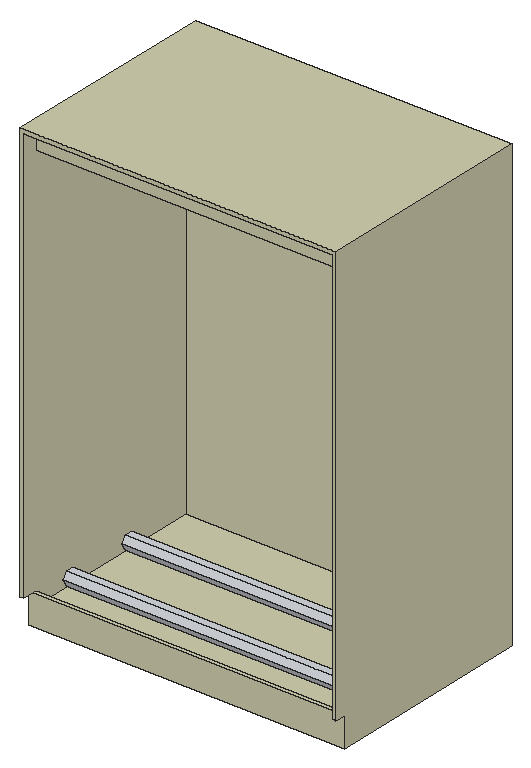
Revit family "Wenger Cabinet 42", category Furniture, Revit 2011
Parameters (values of type "Acoustic Cabinet #42 - Bass")
  URL = "http://www.wengercorp.com/Home/Contact.html"
  Toekick Material [instance] = none
  RH End Panel [instance] = no
  Pack Style = Bass : Bass
  Model = "42A - Bass"
  Manufacturer = "Wenger Corporation"
  LH End Panel [instance] = no
  End Panel Material [instance] = none
  Edge Banding Material [instance] = none
  Door Material [instance] = none
  Description = "Acoustic Cabinet #42 - Basses"
  Cabinet Width = 5' - 0 1/4"
  Cabinet Label = Labels : Acoustic
  Cabinet Height = 7' - 1 5/8"
  Cabinet Depth = 3' - 5 3/4"
  Cabinet Back Thickness = 0' - 3 1/4"
  Assembly Code = ""
Types (14): name | Pack Style | Model | Description | Cabinet Label | Cabinet Depth | Cabinet Back Thickness
  Standard Cabinet #42 - Bass | Bass : Bass | "42 - Bass" | "Standard Cabinet #42 - Basses" | Labels : Standard | 3' - 3 1/4" | 0' - 0 3/4"
  Acoustic Cabinet #42 - Bass | Bass : Bass | "42A - Bass" | "Acoustic Cabinet #42 - Basses" | Labels : Acoustic | 3' - 5 3/4" | 0' - 3 1/4"
  Standard Cabinet #42 - Cello | Cello : Cello | "42 - Cello" | "Standard Cabinet #42 - Cellos" | Labels : Standard | 3' - 3 1/4" | 0' - 0 3/4"
  Standard Cabinet #42 - Guitarron | Guitarron : Guitarron | "42 - Guitarron" | "Standard Cabinet #42 - Guitarrons" | Labels : Standard | 3' - 3 1/4" | 0' - 0 3/4"
  Standard Cabinet #42 - Guitar | Guitar : Guitar | "42 - Guitar" | "Standard Cabinet #42 - Guitars" | Labels : Standard | 3' - 3 1/4" | 0' - 0 3/4"
  Standard Cabinet #42 - Violins/Violas/Vihuelas | Violins-Violas-Vihuelas : Violins-Violas-Vihuelas | "42 - Violins/Violas/Vihuelas" | "Standard Cabinet #42 - Violins/Violas/Vihuelas" | Labels : Standard | 3' - 3 1/4" | 0' - 0 3/4"
  Standard Cabinet #42 - VVV Hi Pack | VVV High Pack : VVV High Pack | "42 - VVV Hi Pack" | "Standard Cabinet #42 - VVV Hi Pack" | Labels : Standard | 3' - 3 1/4" | 0' - 0 3/4"
  Standard Cabinet #42 - Combo | Combo : Combo | "42 - Combo" | "Standard Cabinet #42 - Combo" | Labels : Standard | 3' - 3 1/4" | 0' - 0 3/4"
  Acoustic Cabinet #42 - Cello | Cello : Cello | "42A - Cello" | "Acoustic Cabinet #42 - Cellos" | Labels : Acoustic | 3' - 5 3/4" | 0' - 3 1/4"
  Acoustic Cabinet #42 - Combo | Combo : Combo | "42A - Combo" | "Acoustic Cabinet #42 - Combo" | Labels : Acoustic | 3' - 5 3/4" | 0' - 3 1/4"
  Acoustic Cabinet #42 - Guitar | Guitar : Guitar | "42A - Guitar" | "Acoustic Cabinet #42 - Guitar" | Labels : Acoustic | 3' - 5 3/4" | 0' - 3 1/4"
  Acoustic Cabinet #42 - Guitarron | Guitarron : Guitarron | "42A - Guitarron" | "Acoustic Cabinet #42 - Guitarron" | Labels : Acoustic | 3' - 5 3/4" | 0' - 3 1/4"
  Acoustic Cabinet #42 - Violins/Violas/Vihuelas | Violins-Violas-Vihuelas : Violins-Violas-Vihuelas | "42A - Violins/Violas/Vihuelas" | "Acoustic Cabinet #42 - Violins/Violas/Vihuelas" | Labels : Acoustic | 3' - 5 3/4" | 0' - 3 1/4"
  Acoustic Cabinet #42 - VVV Hi Pack | VVV High Pack : VVV High Pack | "42A - VVV Hi Pack" | "Acoustic Cabinet #42 - VVV Hi Pack" | Labels : Acoustic | 3' - 5 3/4" | 0' - 3 1/4"
Reference planes (in)
  plane 1 "Front": y = 0
  plane 2: z = 0
  plane 3 "Left": x = 0
  plane 4 "Right": x = 60.25
  plane 5 "Back": y = 41.75
  plane 6 "Top": z = 85.625
  plane 7: z = 5.625
  plane 8: x = 0.75
  plane 9: x = 59.5
  plane 10: z = 84.875
  plane 11: y = 38.5
  plane 12: y = 2
  plane 13: y = 0.75
  plane 14: z = 6.75
  plane 15: z = 3.125
  plane 16: y = 2.75
  plane 17: y = 3.5
Forms (in)
  Extrusion 1, solid, material "Wenger - Oyster"
    sketch origin (0, 0, 0) x (0, 1, 0) y (0, 0, 1)
      loop
        line (0, 85.625) -> (0, 5.625) -> (2, 5.625) -> (2, 0) -> (41.75, 0) -> (41.75, 85.625) -> (0, 85.625)
    from 0 to 60.25
  Extrusion 2, void
    sketch origin (0, 0, 0) x (0, 1, 0) y (0, 0, 1)
      loop
        line (3.5, 84.875) -> (3.5, 80.875) -> (2.75, 80.875) -> (2.75, 84.875) -> (-5.5, 84.875) -> (-5.5, 5.625) -> (2.75, 5.625) -> (2.75, 3.125) -> (38.5, 3.125) -> (38.5, 84.875) -> (3.5, 84.875)
    from 0.75 to 59.5
Cuts and joins
  Extrusion 2 cuts Extrusion 1
Lines and regions (in)
  symbolic lines
    curve 1: line (0, 41.75, 0) -> (60.25, 41.75, 0)
    curve 2: line (0, 0, 0) -> (0, 41.75, 0)
    curve 3: line (60.25, 0, 0) -> (0, 0, 0)
    curve 4: line (60.25, 41.75, 0) -> (60.25, 0, 0)
Dimensions and locks (in)
  locked: plane 3 "Left" to plane 8 at 0.75
  locked: plane 9 to plane 4 "Right" at 0.75
  "Cabinet Back Thickness": plane 5 "Back" to plane 11
  locked: plane 1 "Front" to plane 13 at 0.75
  locked: plane 1 "Front" to plane 12 at 2
  locked: plane 6 "Top" to plane 10 at 0.75
  plane 10 to plane 7 = 6' - 7 1/4"  (x2)
  locked: plane 14 to plane 7 at 1.125
  plane 9 to plane 3 "Left" = 4' - 11 1/2"
  "Cabinet Width": plane 3 "Left" to plane 4 "Right"
  locked: plane 7 to level at 5.625
  "Cabinet Height": plane 6 "Top" to level
  "Cabinet Depth": plane 1 "Front" to plane 5 "Back"
  plane 8 to plane 9 = 4' - 10 3/4"
  plane 1 "Front" to plane 16 = 0' - 2 3/4"
  locked: plane 17 to plane 16 at 0.75
  locked: plane 15 to plane 2 at 3.125
  aligned and locked: Extrusion 1 sketch curve to plane 6 "Top"
  aligned and locked: Extrusion 1 sketch curve to plane 5 "Back"
  aligned and locked: Extrusion 1 sketch curve to plane 1 "Front"
  aligned and locked: Extrusion 1 sketch curve to plane 7
  aligned and locked: Extrusion 1 sketch curve to plane 12
  aligned and locked: Extrusion 1 sketch curve to level
  aligned and locked: Extrusion 1 to plane 4 "Right"
  aligned and locked: Extrusion 1 to plane 3 "Left"
  aligned and locked: Extrusion 2 sketch curve to plane 10
  aligned and locked: Extrusion 2 to plane 8
  aligned and locked: plane 3 "Left" to curve 2
  aligned and locked: curve 1 to plane 5 "Back"
  aligned and locked: plane 4 "Right" to curve 4
  aligned and locked: curve 3 to plane 1 "Front"
  aligned and locked: Extrusion 2 to plane 9
  aligned and locked: Extrusion 2 sketch curve to plane 15
  aligned and locked: plane 10 to Extrusion 2 sketch curve
  aligned and locked: Extrusion 2 sketch curve to plane 16
  aligned and locked: plane 17 to Extrusion 2 sketch curve
  aligned and locked: plane 16 to Extrusion 2 sketch curve
Automatic sketch dimensions
  Extrusion 2 sketch curve to plane 7 = 0' - 0"
  Extrusion 2 sketch curve to plane 11 = 0' - 0"
  plane 1 "Front" to Extrusion 2 sketch curve = 0' - 5 1/2"
  Extrusion 2 sketch curve to Extrusion 2 sketch curve = 0' - 4"
Nested families (in)
  nested 1: "LH End Panel" at (0, 26.75, 0) x (0, -1, 0) z (0, 0, 1), End Panel Material <- "End Panel Material", visible <- "LH End Panel", Edge Banding Material <- "Edge Banding Material", type "20x84 LH"
    with End Panel Material none, Edge Banding Material none, End Panel Depth 3' - 5 3/4"
  nested 2: "RH End Panel" at (61, 26.75, 0) x (0, -1, 0) z (0, 0, 1), End Panel Material <- "End Panel Material", visible <- "RH End Panel", Edge Banding Material <- "Edge Banding Material", type "20x84 RH"
    with End Panel Material none, Edge Banding Material none, End Panel Depth 3' - 5 3/4"
  nested 3: "Labels" at (31.30357, 19.77973, 0), type <- "Cabinet Label", type "Acoustic"
  nested 4: "Front Note" at (31.30357, 0.75, 0), type "Front Note", detail levels medium+fine
  nested 5: "Bass" at (60.25, 39.25, 0), type <- "Pack Style", type "Bass"
  nested 6: "Bass" at (60.25, 39.25, 0), type <- "Pack Style", type "Bass"
  nested 7: "Bass" at (60.25, 39.25, 0), type <- "Pack Style", type "Bass"
  nested 8: "Bass" at (60.25, 39.25, 0), type <- "Pack Style", type "Bass"
Definition of nested family "LH End Panel"
  Parameters (values of type "20x84 LH")
    End Panel Material [instance] = none
    End Panel Height = 7' - 1 5/8"
    End Panel Depth = 1' - 7 1/4"
    Edge Banding Material [instance] = none
    Default Elevation = 4' - 0"
    Assembly Code = ""
  Reference planes (in)
    plane 1 "Center (Front/Back)": y = 0
    plane 2: z = 0
    plane 3 "Center (Left/Right)": x = 0
    plane 4: x = -15
    plane 5: x = 4.25
    plane 6: z = 5.625
    plane 7: x = 2.25
    plane 8: z = 85.625
    plane 9: y = -0.75
  Forms (in)
    Extrusion 1, solid, material <- "End Panel Material"
      sketch origin (0, 0, 0) x (1, 0, 0) y (0, 0, 1)
        loop
          line (-15, 85.625) -> (-15, 0) -> (2.25, 0) -> (2.25, 5.625) -> (4.25, 5.625) -> (4.25, 85.625) -> (-15, 85.625)
      from 0 to 0.75
  Dimensions and locks (in)
    locked: plane 7 to plane 5 at 2
    locked: plane 6 to level at 5.625
    "End Panel Height": plane 8 to level
    "End Panel Depth": plane 5 to plane 4
    locked: plane 9 to plane 1 "Center (Front/Back)" at 0.75
    aligned and locked: plane 4 to Extrusion 1 sketch curve
    aligned and locked: level to Extrusion 1 sketch curve
    aligned and locked: plane 7 to Extrusion 1 sketch curve
    aligned and locked: plane 6 to Extrusion 1 sketch curve
    aligned and locked: Extrusion 1 sketch curve to plane 5
    aligned and locked: Extrusion 1 sketch curve to plane 8
    aligned and locked: Extrusion 1 to plane 9
    aligned and locked: Extrusion 1 to plane 1 "Center (Front/Back)"
Definition of nested family "RH End Panel"
  Parameters (values of type "20x84 RH")
    End Panel Material [instance] = none
    End Panel Height = 7' - 1 5/8"
    End Panel Depth = 1' - 7 1/4"
    Edge Banding Material [instance] = none
    Default Elevation = 4' - 0"
    Assembly Code = ""
  Reference planes (in)
    plane 1 "Center (Front/Back)": y = 0
    plane 2: z = 0
    plane 3 "Center (Left/Right)": x = 0
    plane 4: x = -15
    plane 5: x = 4.25
    plane 6: z = 5.625
    plane 7: x = 2.25
    plane 8: z = 85.625
    plane 9: y = -0.75
  Forms (in)
    Extrusion 1, solid, material <- "End Panel Material"
      sketch origin (0, 0, 0) x (1, 0, 0) y (0, 0, 1)
        loop
          line (-15, 85.625) -> (-15, 0) -> (2.25, 0) -> (2.25, 5.625) -> (4.25, 5.625) -> (4.25, 85.625) -> (-15, 85.625)
      from 0 to 0.75
  Dimensions and locks (in)
    locked: plane 7 to plane 5 at 2
    locked: plane 6 to level at 5.625
    "End Panel Height": plane 8 to level
    "End Panel Depth": plane 5 to plane 4
    locked: plane 9 to plane 1 "Center (Front/Back)" at 0.75
    aligned and locked: plane 4 to Extrusion 1 sketch curve
    aligned and locked: level to Extrusion 1 sketch curve
    aligned and locked: plane 7 to Extrusion 1 sketch curve
    aligned and locked: plane 6 to Extrusion 1 sketch curve
    aligned and locked: Extrusion 1 sketch curve to plane 5
    aligned and locked: Extrusion 1 sketch curve to plane 8
    aligned and locked: Extrusion 1 to plane 9
    aligned and locked: Extrusion 1 to plane 1 "Center (Front/Back)"
Definition of nested family "Bass"
  Parameters (values of type "Garment")
    Assembly Code = ""
  Reference planes (in)
    plane 1 "Center Front/Back": y = 0
    plane 2: z = 0
    plane 3 "Center Left/Right": x = 0
    plane 4: y = -28.625
    plane 5: y = -14.625
    plane 6 "Right": x = -0.75
    plane 7: x = -59.5
    plane 8: z = 4.6868
    plane 9: z = 68.375
    plane 10: z = 65.875
    plane 11: y = -13.375
    plane 12: y = -11.875
  Forms (in)
    Extrusion 1, solid
      sketch origin (0, 0, 0) x (0, 1, 0) y (0, 0, 1)
        loop
          line (-13.375, 68.375) -> (-13.375, 65.875) -> (-11.875, 65.875) -> (-11.875, 68.375) -> (-13.375, 68.375)
      from -59.5 to -0.75
    Extrusion 2, solid
      sketch origin (-0.75, 0, 0) x (0, 1, 0) y (0, 0, 1)
        loop
          line (-27.1875, 4.6868) -> (-27.90625, 5.93171) -> (-29.34375, 5.93171) -> (-30.0625, 4.6868) -> (-29.34375, 3.44189) -> (-27.90625, 3.44189) -> (-27.1875, 4.6868)
        loop
          line (-13.1875, 4.6868) -> (-13.90625, 5.93171) -> (-15.34375, 5.93171) -> (-16.0625, 4.6868) -> (-15.34375, 3.44189) -> (-13.90625, 3.44189) -> (-13.1875, 4.6868)
      from -58.75 to 0
  Dimensions and locks (in)
    plane 5 to plane 4 = 1' - 2"
    locked: plane 4 to plane 1 "Center Front/Back" at 28.625
    locked: plane 6 "Right" to plane 3 "Center Left/Right" at 0.75
    locked: plane 7 to plane 6 "Right" at 58.75
    locked: plane 9 to plane 10 at 2.5
    plane 9 to plane 2 = 5' - 8 3/8"
    locked: plane 8 to plane 2 at 4.6868
    locked: plane 12 to plane 1 "Center Front/Back" at 11.875
    locked: plane 11 to plane 12 at 1.5
    aligned and locked: plane 11 to Extrusion 1 sketch curve
    aligned and locked: Extrusion 1 sketch curve to plane 9
    aligned and locked: plane 10 to Extrusion 1 sketch curve
    aligned and locked: Extrusion 1 sketch curve to plane 12
    aligned and locked: Extrusion 1 to plane 7
    aligned and locked: plane 6 "Right" to Extrusion 1
    aligned and locked: plane 6 "Right" to Extrusion 2
    aligned and locked: Extrusion 2 to plane 7
Definition of nested family "Labels"
  Parameters (values of type "Standard")
    Cabinet Label = "01"
  Types (4): name | Cabinet Label
    Standard | "01"
    Narrow | "01N"
    Narrow Acoustic | "01NA"
    Acoustic | "01A"
  Reference planes (in)
    plane 1: y = 0
    plane 2: x = 0
  Text (in)
    label "xxxx" at (-0.00018, 0.00754, 0), shows "Cabinet Label"
Definition of nested family "Front Note"
  Parameters (values of type "Front Note")
    Cabinet Label = "Front"
  Reference planes (in)
    plane 1: y = 0
    plane 2: x = 0
  Text (in)
    label "Front" at (-0.00018, 0.00754, 0), shows "Cabinet Label"
